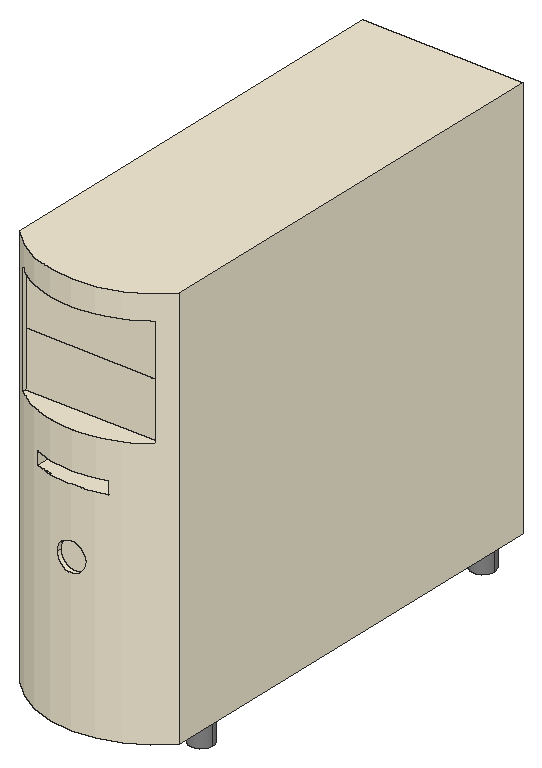
Revit family
Parameters (values of type "CPU - Tower")
  Material PC = Plastic - Tan, Light
  Material Feet = Plastic - Grey, Dark
  Keynote = "N"
  Assembly Code = "E1010800"
Reference planes
  plane 1 "Center F/B": y = 43.962
  plane 2: z = 0
  plane 3 "Center L/R": x = 12.176
  plane 4: x = -70.374
  plane 5: x = 94.726
Forms (mm)
  Extrusion 1, solid, material "Plastic - Tan, Light" <- "Material PC"
    sketch origin (0, 0, 0) x (1, 0, 0) y (0, 1, 0)
      loop
        line (-70.374, 266.212) -> (-70.374, -178.288)
        arc (-70.374, -178.288) -> (12.176, -215.022) -> (94.726, -178.288) r 111.122
        line (94.726, -178.288) -> (94.726, 266.212) -> (-70.374, 266.212)
    from 25.4 to 444.5
  Extrusion 2, solid, material "Plastic - Grey, Dark" <- "Material Feet"
    sketch origin (0, 0, 0) x (1, 0, 0) y (0, 1, 0)
      loop
        circle (77.076, -127.998) r 12
      loop
        circle (-49.3, -127.998) r 12
      loop
        circle (75.535, 238.801) r 12
      loop
        circle (-53.923, 238.801) r 12
    from 0 to 25.4
  Extrusion 3, void
    sketch origin (-7.677, 0, 0) x (1, 0, 0) y (0, 1, 0)
      loop
        line (-50.339, -239.732) -> (88.561, -239.732) -> (88.561, -107.192) -> (-50.339, -107.192) -> (-50.339, -239.732)
    from 304.8 to 419.1
  Extrusion 4, void
    sketch origin (0, 0, 0) x (1, 0, 0) y (0, 1, 0)
      loop
        line (-29.265, -229.715) -> (46.935, -229.715) -> (46.935, -178.915) -> (-29.265, -178.915) -> (-29.265, -229.715)
    from 254 to 266.7
  Extrusion 5, solid, material "Plastic - Tan, Light"
    sketch origin (80.884, -107.192, 419.1) x (0, 0, -1) y (-1, 0, 0)
      loop
        line (114.3, 138.9) -> (57.15, 138.9) -> (57.15, 0) -> (114.3, 0) -> (114.3, 138.9)
    from -79.52 to 0
  Extrusion 6, solid, material "Plastic - Tan, Light"
    sketch origin (80.884, -107.192, 419.1) x (0, 0, -1) y (-1, 0, 0)
      loop
        line (57.15, 138.9) -> (0, 138.9) -> (0, 0) -> (57.15, 0) -> (57.15, 138.9)
    from -79.52 to 0
  Extrusion 7, void
    sketch origin (0, 43.962, 0) x (1, 0, 0) y (0, 0, 1)
      loop
        circle (12.176, 186.561) r 15
    from 254 to 260
Cuts and joins
  Extrusion 3, Extrusion 4, Extrusion 7 cuts Extrusion 1
  Extrusion 3, Extrusion 4 cuts Extrusion 2
Lines and regions (mm)
  Masking region 1
    outline origin (0, 0, 0) x (1, 0, 0) y (0, 1, 0)
      loop
        line (94.726, 266.212) -> (-70.374, 266.212) -> (-70.374, -178.288)
        arc (-70.374, -178.288) -> (12.176, -215.022) -> (94.726, -178.288) r 111.122
        line (94.726, -178.288) -> (94.726, 266.212)
  symbolic lines
    curve 1: line (-70.374, 266.212, 0) -> (-70.374, -178.288, 0)
    curve 2: line (94.726, 266.212, 0) -> (-70.374, 266.212, 0)
    curve 3: line (94.726, -178.288, 0) -> (94.726, 266.212, 0)
    curve 4: arc (-70.374, -178.288, 0) -> (12.176, -215.022, 0) -> (94.726, -178.288, 0) r 111.122
Dimensions and locks
  aligned: Masking region 1 sketch curve to cut or joined group of Extrusion 1, Extrusion 3, Extrusion 4, Extrusion 7
